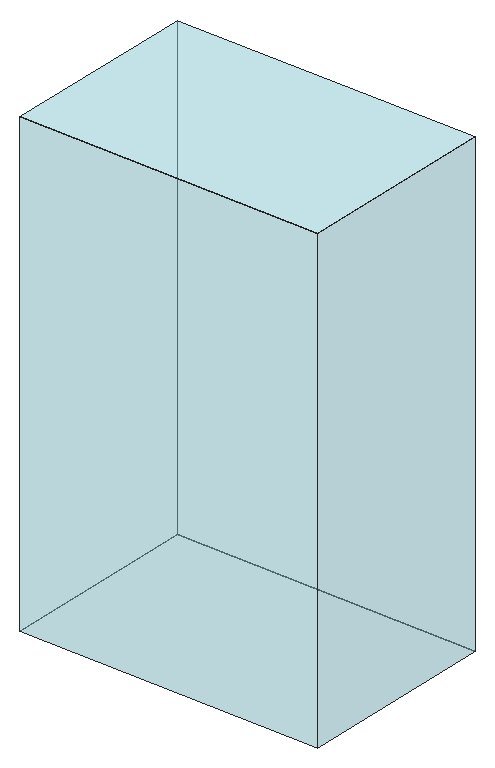
Revit family "(GM)_Лифт с противовесом", category Специальное оборудование, Revit 2021
Family settings
  Размер круглого соединителя = Использовать диаметр
  Тип детали = Нормальный
  Всегда вертикально = Да
  При загрузке вырезать с полостями = Нет
  Общий = Нет
  Точка принадлежности помещению = Нет
Parameters (values of type "Лифт_2650х1750 2")
  Штрина противовеса = 900 mm
  Ширина короба противовеса = 1000 mm
  Ширина кабины = 2100 mm
  Шахта_Отступ проема B = (AR_Шахта_Ширина - Шахта_Отступ проема A) - AR_Шахта_Ширина проема  # 1060 mm
  Шахта_Отступ проема A = 390 mm
  Толщина короба противовеса = 30 mm
  Спереди_Право = Шахта_Отступ проема B  # 1060 mm
  Спереди_Лево = Шахта_Отступ проема A * par  # 390 mm
  Отступ противовеса от шахты = 143 mm
  Отступ противовеса от оси кабины = 350 mm
  Отступ ловителя от оси кабины = 50 mm
  Отступ ловителя = 150 mm
  Отступ кабины спереди = 150 mm
  Отступ кабины слева = 315 mm
  Отметка по умолчанию = 0 mm
  Оборудование_Центр = and(not(Оборудование_Право), not(Оборудование_Лево))  # no
  Оборудование_Право = yes
  Оборудование_Лево = no
  Назед_Лево = Шахта_Отступ проема A * par  # 390 mm
  Назад_Право = Шахта_Отступ проема B  # 1060 mm
  Доступность МГН = no
  Группа модели = "Лифт"  # constant formula
  Глубина противовеса = 150 mm
  Глубина короба противовеса = 363 mm
  Глубина кабины = 1100 mm
  par = 1  # constant formula
  R_Шахта_Ширина проема [instance] = 1200 mm
  R_AR_Шахта_Ширина [instance] = AR_Шахта_Ширина * par  # 2650 mm
  R_AR_Шахта_Приямок [instance] = AR_Шахта_Приямок * par  # 0 mm
  R_AR_Шахта_Маш.отд. [instance] = AR_Шахта_Маш.отд. * par  # 100 mm
  R_AR_Шахта_Глубина [instance] = AR_Шахта_Глубина * par  # 1750 mm
  AR_Шахта_Ширина проема = 1200 mm
  AR_Шахта_Ширина = 2650 mm
  AR_Шахта_Приямок = 0 mm
  AR_Шахта_Маш.отд. = 100 mm
  AR_Шахта_Глубина = 1750 mm
  AR_Шахта_Высота проема = 2200 mm
  AR_Шахта_Высота [instance] = 4000 mm
  AR_Скорость подъема (м/с) = "1"
Types (7, lengths in mm): name | Штрина противовеса | Ширина короба противовеса | Ширина кабины | Шахта_Отступ проема B | Шахта_Отступ проема A | Спереди_Право | Спереди_Лево | Отступ противовеса от оси кабины | Отступ ловителя от оси кабины | Отступ ловителя | Отступ кабины спереди | Отступ кабины слева | Оборудование_Право | Оборудование_Лево | Назед_Лево | Назад_Право | Глубина кабины | R_Шахта_Ширина проема | R_AR_Шахта_Ширина | R_AR_Шахта_Приямок | R_AR_Шахта_Маш.отд. | R_AR_Шахта_Глубина | AR_Шахта_Ширина проема | AR_Шахта_Ширина | AR_Шахта_Приямок | AR_Шахта_Маш.отд. | AR_Шахта_Глубина
  Лифт_2650х1750 2 | 900 | 1000 | 2100 | 1060 | 390 | 1060 | 390 | 350 | 50 | 150 | 150 | 315 | yes | no | 390 | 1060 | 1100 | 1200 | 2650 | 0 | 100 | 1750 | 1200 | 2650 | 0 | 100 | 1750
  Лифт_2650х1750 (пунктир) | 900 | 1000 | 2100 | 1060 | 390 | 1060 | 390 | 350 | 50 | 150 | 150 | 315 | yes | no | 390 | 1060 | 1100 | 1200 | 2650 | 0 | 100 | 1750 | 1200 | 2650 | 0 | 100 | 1750
  Лифт_1950х1750 2 | 900 | 1000 | 1100 | 600 | 450 | 600 | 450 | 350 | 50 | 150 | 150 | 485 | no | yes | 450 | 600 | 1400 | 900 | 1950 | 0 | 100 | 1750 | 900 | 1950 | 0 | 100 | 1750
  Лифт_2550х1850 | 900 | 1000 | 2100 | 960 | 390 | 960 | 390 | 350 | 50 | 150 | 150 | 220 | yes | no | 390 | 960 | 1100 | 1200 | 2550 | 0 | 100 | 1850 | 1200 | 2550 | 0 | 100 | 1850
  Лифт_2850х1700 | 1050 | 1250 | 2160 | 1200 | 300 | 1200 | 300 | 43 | 78 | 163 | 235 | 245 | yes | no | 300 | 1200 | 1155 | 1350 | 2850 | 0 | 100 | 1700 | 1350 | 2850 | 0 | 100 | 1700
  Лифт_2800х1700 | 900 | 1000 | 2100 | 1050 | 300 | 1050 | 300 | 120 | 50 | 100 | 270 | 160 | yes | no | 300 | 1050 | 1100 | 1350 | 2700 | 1300 | 1000 | 1800 | 1350 | 2700 | 1300 | 1000 | 1800
  Лифт_2550х1750 | 900 | 1000 | 2100 | 900 | 300 | 900 | 300 | 120 | 50 | 100 | 270 | 160 | no | yes | 300 | 900 | 1100 | 1350 | 2550 | 1300 | 1000 | 1750 | 1350 | 2550 | 1300 | 1000 | 1750
Reference planes
  plane 1 "По центру (Вперед/Назад)": y = 0
  plane 2: z = 0
  plane 3 "По центру (Влево/Вправо)": x = 0
  plane 4: y = 875
  plane 5: y = -875
  plane 6 "Право": x = 1325
  plane 7 "Лево": x = -1325
  plane 8: x = -935
  plane 9: x = 265
  plane 10 "Верх": z = 4000
  plane 11 "План": z = 1000
  plane 12 "Верх проема": z = 2200
  plane 13 "Маш.отд.": z = 4100
  plane 14 "Приямок": z = 0
  plane 15: y = -725
  plane 16: y = 375
  plane 17: y = -175
  plane 18: x = -1175
  plane 19: x = 962
  plane 20: y = -725
  plane 21: x = -1010
  plane 22: x = 1090
  plane 23: x = 40
  plane 24: x = 1182
  plane 25: x = 1032
  plane 26: y = 175
  plane 27: y = 675
  plane 28: y = -325
  plane 29: y = 625
  plane 30: y = -275
  plane 31: y = 725
  plane 32: y = 512
  plane 33: x = -310
  plane 34: y = -512
  plane 35: y = -225
  plane 36: x = -10
Forms (mm)
  Extrusion 1, solid, material "Концепция. Форма по умолчанию", detail levels medium+fine
    sketch origin (0, 0, 0) x (1, 0, 0) y (0, 1, 0)
      loop
        line (1325, 875) -> (-1325, 875) -> (-1325, -875) -> (1325, -875) -> (1325, 875)
    from 0 to 4100
Lines and regions (mm)
  model lines, style "Пунктир"
    curve 1: line (1325, 875, 0) -> (265, 875, 0)
    curve 2: line (1325, -875, 0) -> (1325, 875, 0)
    curve 3: line (-1325, -875, 0) -> (-935, -875, 0)
    curve 4: line (-1325, 875, 0) -> (-1325, -875, 0)
    curve 5: line (265, -875, 0) -> (1325, -875, 0)
    curve 7: line (1325, 0, 4100) -> (-1325, 0, 4100)
    curve 8: line (1325, 0, 0) -> (1325, 0, 4100)
    curve 9: line (-1325, 0, 4100) -> (-1325, 0, 0)
    curve 19: line (-1325, 0, 0) -> (1325, 0, 0)
    curve 20: line (0, 875, 4100) -> (0, -875, 4100)
    curve 21: line (0, 875, 0) -> (0, 875, 4100)
    curve 22: line (0, -875, 0) -> (0, 875, 0)
    curve 23: line (0, -875, 4100) -> (0, -875, 0)
    curve 24: line (-935, 875, 0) -> (-1325, 875, 0)
    curve 26: line (265, -875, 0) -> (265, -975, 0)
    curve 27: line (-935, -875, 0) -> (-935, -975, 0)
  model lines, style "InvisibleLines", not visible
    curve 6: line (0, 0, 0) -> (0, 0, 4100)
  model lines, not visible
    curve 10: line (800, 1100, 1000) -> (520, 1100, 1000)
    curve 11: line (800, -1100, 1000) -> (800, 1100, 1000)
    curve 12: line (-800, -1100, 1000) -> (-500, -1100, 1000)
    curve 13: line (-800, 1100, 1000) -> (-800, -1100, 1000)
    curve 14: line (600, -1100, 1000) -> (800, -1100, 1000)
    curve 15: line (800, -300, 4000) -> (-800, -300, 4000)
    curve 16: line (800, -300, 0) -> (800, -300, 4000)
    curve 17: line (-800, -300, 0) -> (800, -300, 0)
    curve 18: line (-800, -300, 4000) -> (-800, -300, 0)
    curve 25: line (-340, 1100, 1000) -> (-800, 1100, 1000)
  model lines, style "Пунктир", not visible
    curve 28: line (265, 875, 0) -> (265, 975, 0)
    curve 29: line (-935, 875, 0) -> (-935, 975, 0)
  symbolic lines
    curve 30: line (1075, -300, 2200) -> (-1175, -300, 2200)
    curve 31: line (1075, -300, -200) -> (1075, -300, 2200)
    curve 32: line (-1175, -300, -200) -> (1075, -300, -200)
    curve 33: line (-1175, -300, 2200) -> (-1175, -300, -200)
    curve 34: line (300, 625, 2200) -> (300, -725, 2200)
    curve 35: line (300, 625, -200) -> (300, 625, 2200)
    curve 36: line (300, -725, -200) -> (300, 625, -200)
    curve 37: line (300, -725, 2200) -> (300, -725, -200)
    curve 38: line (1075, -300, 2200) -> (-1175, -300, -200)
    curve 39: line (1075, -300, -200) -> (-1175, -300, 2200)
    curve 40: line (300, 625, 2200) -> (300, -725, -200)
    curve 41: line (300, 625, -200) -> (300, -725, 2200)
  symbolic lines, style "SpecialityEquipmentHiddenLines"
    curve 42: line (-300, -875, 2200) -> (-300, -975, 2200)
  symbolic lines, style "SpecialityEquipmentHiddenLines", not visible
    curve 43: line (-300, 875, 2200) -> (-300, 975, 2200)
Dimensions and locks
  equal spacing: plane 7 "Лево", plane 3 "По центру (Влево/Вправо)", plane 6 "Право"
  equal spacing: plane 4, plane 1 "По центру (Вперед/Назад)", plane 5
  "AR_Шахта_Глубина": plane 4 to plane 5
  "AR_Шахта_Ширина": plane 7 "Лево" to plane 6 "Право"
  "Отступ кабины спереди": plane 5 to plane 15
  "Спереди_Лево": plane 7 "Лево" to plane 8
  "Спереди_Право": plane 9 to plane 6 "Право"
  "Назад_Право": curve 1 to plane 6 "Право"
  "Назед_Лево": plane 7 "Лево" to curve 24
  "R_Шахта_Ширина проема": plane 8 to plane 9
  locked: curve 26 to curve 26 at 100
  locked: curve 27 to curve 27 at 100
  locked: curve 28 to curve 28 at 100
  locked: curve 29 to curve 29 at 100
  plane 7 "Лево" to curve 33 = 150 mm
  plane 6 "Право" to curve 31 = 250 mm
  locked: curve 30 to plane 2 at 2200
  locked: plane 2 to curve 32 at 200
  locked: plane 2 to curve 36 at 200
  locked: curve 34 to plane 2 at 2200
  locked: plane 5 to curve 37 at 150
  curve 35 to plane 4 = 250 mm
  "AR_Шахта_Высота": level to level
  locked: curve 42 to curve 42 at 100
  locked: curve 43 to curve 43 at 100
  "AR_Шахта_Высота проема": plane 12 "Верх проема" to plane 2
  "AR_Шахта_Маш.отд.": plane 13 "Маш.отд." to plane 10 "Верх"
  "AR_Шахта_Приямок": plane 2 to plane 14 "Приямок"
  level to plane 2 = 0 mm
  "Глубина кабины": plane 16 to plane 15
  equal spacing: plane 16, plane 17, plane 15
  "Отступ ловителя": plane 7 "Лево" to plane 18
  "Глубина короба противовеса": plane 19 to plane 6 "Право"
  "Отступ ловителя": plane 20 to plane 5
  "Ширина кабины": plane 21 to plane 22
  equal spacing: plane 21, plane 23, plane 22
  "Отступ противовеса от шахты": plane 24 to plane 6 "Право"
  "Глубина противовеса": plane 25 to plane 24
  "Отступ противовеса от оси кабины": plane 17 to plane 26
  equal spacing: plane 27, plane 26, plane 28
  "Ширина короба противовеса": plane 27 to plane 28
  equal spacing: plane 29, plane 26, plane 30
  "Штрина противовеса": plane 29 to plane 30
  "Отступ кабины слева": plane 7 "Лево" to plane 21
  "Отступ ловителя": plane 4 to plane 31
  "Глубина короба противовеса": plane 4 to plane 32
  "Отступ противовеса от оси кабины": plane 33 to plane 23
  "Глубина короба противовеса": plane 5 to plane 34
  "Отступ ловителя от оси кабины": plane 17 to plane 35
  "Отступ ловителя от оси кабины": plane 36 to plane 23
  aligned and locked: level to plane 2
  aligned and locked: plane 10 "Верх" to level
  aligned and locked: plane 3 "По центру (Влево/Вправо)" to curve 6
  aligned and locked: curve 23 to plane 5
  aligned and locked: plane 4 to curve 21
  aligned and locked: plane 12 "Верх проема" to curve 42
  aligned and locked: plane 13 "Маш.отд." to curve 7
  aligned and locked: curve 20 to plane 13 "Маш.отд."
  aligned and locked: curve 22 to plane 14 "Приямок"
  aligned and locked: plane 14 "Приямок" to curve 19
  aligned and locked: plane 13 "Маш.отд." to Extrusion 1
  aligned and locked: plane 14 "Приямок" to Extrusion 1
  aligned and locked: nested 1 to plane 15
  aligned and locked: nested 5 to plane 6 "Право"
  aligned and locked: nested 5 to plane 26
  aligned and locked: plane 7 "Лево" to Extrusion 1
  aligned and locked: plane 23 to nested 1
  aligned and locked: nested 6 to plane 33
  aligned and locked: plane 4 to nested 6
  aligned and locked: plane 33 to nested 7
  aligned and locked: nested 7 to plane 5
  aligned and locked: nested 3 to plane 35
  aligned and locked: nested 4 to plane 35
  aligned and locked: plane 36 to nested 8
  aligned and locked: nested 9 to plane 36
  aligned and locked: plane 7 "Лево" to nested 3
  aligned and locked: nested 4 to plane 6 "Право"
  aligned and locked: nested 8 to plane 5
  aligned and locked: plane 4 to nested 9
Automatic sketch dimensions
  curve 2 to curve 3 = 2650 mm
  curve 4 to curve 1 = 1590 mm
  curve 4 to curve 4 = 1750 mm
  curve 3 to curve 5 = 2260 mm
  curve 2 to curve 5 = 1060 mm
  curve 1 to curve 1 = 1060 mm
  curve 24 to curve 4 = 390 mm
  curve 3 to curve 3 = 390 mm
  curve 11 to curve 12 = 1600 mm
  curve 13 to curve 10 = 0 mm
  curve 13 to curve 13 = 2200 mm
  curve 12 to curve 14 = 0 mm
  curve 11 to curve 14 = 200 mm
  curve 10 to curve 10 = 280 mm
  curve 25 to curve 13 = 460 mm
  curve 12 to curve 12 = 300 mm
  plane 12 "Верх проема" to curve 43 = 0 mm
  curve 43 to plane 4 = 0 mm
  curve 42 to plane 5 = 0 mm
  plane 7 "Лево" to curve 9 = 0 mm
  plane 6 "Право" to curve 7 = 0 mm
  Extrusion 1 sketch curve to plane 4 = 0 mm
  Extrusion 1 sketch curve to plane 7 "Лево" = 0 mm
  Extrusion 1 sketch curve to plane 5 = 0 mm
  Extrusion 1 sketch curve to plane 6 "Право" = 0 mm
  curve 4 to plane 7 "Лево" = 0 mm
  curve 3 to plane 8 = 0 mm
  curve 24 to plane 8 = 0 mm
  curve 26 to plane 9 = 0 mm
  curve 5 to plane 5 = 0 mm
  curve 1 to plane 4 = 0 mm
  curve 1 to plane 9 = 0 mm
  curve 1 to plane 6 "Право" = 0 mm
  curve 27 to plane 5 = 0 mm
  curve 29 to plane 4 = 0 mm
Nested families
  nested 1: "(D)_Условно_Лифт_Кабина" at (40, -175, 0), a <- "Ширина кабины", b <- "Глубина кабины", type "(D)_Условно_Лифт_Кабина"
    with b 1100 mm, a 2100 mm
  nested 2: "(AT)_Символ доступности МГН" at (0, 0, 0), visible <- "Доступность МГН", type "Символ доступности МГН"
  nested 3: "Ловители" at (-1325, -225, 0) x (0, -1, 0) z (0, 0, 1), visible <- "Оборудование_Центр", type "Ловители"
    with b 2000 mm, a 1500 mm
  nested 4: "Ловители" at (1325, -225, 0) x (0, 1, 0) z (0, 0, 1), visible <- "Оборудование_Центр", type "Ловители"
    with b 2000 mm, a 1500 mm
  nested 5: "Противовес" at (1325, 175, 0) x (0, 1, 0) z (0, 0, 1), visible <- "Оборудование_Право", type "Противовес"
    with b 2000 mm, a 1500 mm
  nested 6: "Противовес" at (-310, 875, 0) x (-1, 0, 0) z (0, 0, 1), visible <- "Оборудование_Центр", type "Противовес"
    with b 2000 mm, a 1500 mm
  nested 7: "Противовес" at (-310, -875, 0), visible <- "Оборудование_Лево", type "Противовес"
    with b 2000 mm, a 1500 mm
  nested 8: "Ловители" at (-10, -875, 0), visible <- "Оборудование_Лево", type "Ловители"
    with b 2000 mm, a 1500 mm
  nested 9: "Ловители" at (-10, 875, 0) x (-1, 0, 0) z (0, 0, 1), visible <- "Оборудование_Право", type "Ловители"
    with b 2000 mm, a 1500 mm
Definition of nested family "(D)_Условно_Лифт_Кабина"
  Parameters (values of type "(D)_Условно_Лифт_Кабина")
    Оборудование_Центр = yes
    Оборудование_Право = no
    Оборудование_Лево/Право = no
    b [instance] = 2000 mm
    a [instance] = 1500 mm
  Reference planes
    plane 1 "По центру (Вперед/Назад)": y = 0
    plane 2: z = 0
    plane 3 "По центру (Влево/Вправо)": x = 0
  Lines and regions (mm)
    detail lines, in view "Опорный уровень"
      curve 1: line (750, 1000, 0) -> (-750, 1000, 0)
      curve 2: line (750, -1000, 0) -> (750, 1000, 0)
      curve 3: line (-750, -1000, 0) -> (750, -1000, 0)
      curve 4: line (-750, 1000, 0) -> (-750, -1000, 0)
      curve 5: line (750, 1000, 0) -> (-750, -1000, 0)
      curve 6: line (-750, 1000, 0) -> (750, -1000, 0)
    detail lines, in view "Опорный уровень", visible <- "Оборудование_Центр"
      curve 7: line (550, 1130, 0) -> (-550, 1130, 0)
      curve 8: line (550, 1050, 0) -> (550, 1130, 0)
      curve 9: line (-550, 1050, 0) -> (550, 1050, 0)
      curve 10: line (-550, 1130, 0) -> (-550, 1050, 0)
    detail lines, in view "Опорный уровень", visible <- "Оборудование_Право"
      curve 11: line (880, 800, 0) -> (800, 800, 0)
      curve 12: line (880, -250, 0) -> (880, 800, 0)
      curve 13: line (800, -250, 0) -> (880, -250, 0)
      curve 14: line (800, 800, 0) -> (800, -250, 0)
    detail lines, in view "Опорный уровень", visible <- "Оборудование_Лево/Право"
      curve 15: line (-880, 800, 0) -> (-800, 800, 0)
      curve 16: line (-880, -250, 0) -> (-880, 800, 0)
      curve 17: line (-800, -250, 0) -> (-880, -250, 0)
      curve 18: line (-800, 800, 0) -> (-800, -250, 0)
  Dimensions and locks
    equal spacing: curve 4, plane 3 "По центру (Влево/Вправо)", curve 2
    equal spacing: curve 1, plane 1 "По центру (Вперед/Назад)", curve 3
    "b": curve 1 to curve 3
    "a": curve 4 to curve 2
    locked: curve 1 to curve 9 at 50
    locked: curve 7 to curve 9 at 80
    locked: curve 4 to curve 10 at 200
    locked: curve 8 to curve 2 at 200
    locked: curve 2 to curve 14 at 50
    locked: curve 14 to curve 12 at 80
    locked: curve 1 to curve 11 at 200
    locked: curve 13 to plane 1 "По центру (Вперед/Назад)" at 250
    locked: curve 4 to curve 18 at 50
    locked: curve 18 to curve 16 at 80
    locked: curve 1 to curve 15 at 200
    locked: curve 17 to plane 1 "По центру (Вперед/Назад)" at 250
Definition of nested family "(AT)_Символ доступности МГН"
  Parameters (values of type "Символ доступности МГН")
    Символ доступности МГН = yes
  Reference planes
    plane 1: y = 0
    plane 2: x = 0
  Lines and regions (mm)
    Filled region 1, type "Серая", visible <- "Символ доступности МГН"
      outline origin (0, 0, 0) x (0, 1, 0) y (-1, 0, 0)
        loop
          line (2.654, -0.542) -> (2.654, 2.345) -> (1.854, 2.345) -> (1.854, -0.379) -> (0.738, -0.151) -> (0.738, 3.398) -> (-2.141, 4.106) -> (-1.864, 5.374) -> (-2.971, 5.646) -> (-3.517, 3.845) -> (0, 2.888) -> (0, -0.983) -> (4.564, -1.595)
          arc (4.564, -1.595) -> (6.084, -0.106) -> (4.085, -0.835) r 1.088
          line (4.085, -0.835) -> (2.654, -0.542)
        loop
          line (-2.321, 2.488) -> (-2.5, 3.278)
          arc (-2.5, 3.278) -> (-4.549, -2.916) -> (1.885, -1.839) r 3.809
          line (1.885, -1.839) -> (1.052, -1.727)
          arc (1.052, -1.727) -> (-3.999, -2.311) -> (-2.321, 2.488) r 3
Definition of nested family "Ловители"
  Parameters (values of type "Ловители")
    Оборудование_Центр = no
    Оборудование_Право = yes
    Оборудование_Лево/Право = no
    b [instance] = 2000 mm
    a [instance] = 1500 mm
  Reference planes
    plane 1 "По центру (Вперед/Назад)": y = 0
    plane 2: z = 0
    plane 3 "По центру (Влево/Вправо)": x = 0
  Lines and regions (mm)
    detail lines, in view "Опорный уровень"
      curve 1: line (-7.5, 50, 0) -> (7.5, 50, 0)
      curve 2: line (-35, 0, 0) -> (-35, 4.71, 0)
      curve 3: line (35, 0, 0) -> (-35, 0, 0)
      curve 4: line (35, 4.71, 0) -> (35, 0, 0)
      curve 5: line (-35, 4.71, 0) -> (-5, 10, 0)
      curve 6: line (-5, 10, 0) -> (-5, 30, 0)
      curve 7: line (7.5, 30, 0) -> (7.5, 50, 0)
      curve 8: line (5, 10, 0) -> (5, 30, 0)
      curve 9: line (-7.5, 30, 0) -> (-7.5, 50, 0)
      curve 10: line (35, 4.71, 0) -> (5, 10, 0)
      curve 11: line (-7.5, 30, 0) -> (7.5, 30, 0)
Definition of nested family "Противовес"
  Parameters (values of type "Противовес")
    Ш.противовеса = 900 mm
    Ш.Короба противовеса = 1000 mm
    Оборудование_Центр = no
    Оборудование_Право = yes
    Оборудование_Лево/Право = no
    О.Противовеса от шахты = 143 mm
    Г.Противовеса = 150 mm
    Г.Короба противовеса = 363 mm
    t = 30 mm
    b [instance] = 2000 mm
    a [instance] = 1500 mm
  Reference planes
    plane 1 "По центру (Вперед/Назад)": y = 0
    plane 2: z = 0
    plane 3 "По центру (Влево/Вправо)": x = 0
    plane 4: y = 363
    plane 5: x = -470
    plane 6: x = 470
    plane 7: y = 333
    plane 8: x = -500
    plane 9: x = 500
    plane 10: x = -450
    plane 11: x = 450
    plane 12: y = 143
    plane 13: y = 293
    plane 14: y = 218
    plane 15: y = 233
    plane 16: y = 203
    plane 17: y = 220.5
    plane 18: y = 215.5
    plane 19: x = -465
    plane 20: x = 465
  Lines and regions (mm)
    Filled region 1, type "Сплошная заливка - Черный", in view "Опорный уровень"
      outline origin (0, 0, 0) x (1, 0, 0) y (0, 1, 0)
        loop
          line (-470, 233) -> (-470, 203) -> (-465, 203) -> (-465, 215.5) -> (-450, 215.5) -> (-450, 220.5) -> (-465, 220.5) -> (-465, 233) -> (-470, 233)
        loop
          line (470, 203) -> (470, 233) -> (465, 233) -> (465, 220.5) -> (450, 220.5) -> (450, 215.5) -> (465, 215.5) -> (465, 203) -> (470, 203)
    detail lines, in view "Опорный уровень"
      curve 1: line (-500, 0, 0) -> (-470, 0, 0)
      curve 2: line (-500, 363, 0) -> (-500, 0, 0)
      curve 3: line (500, 363, 0) -> (-500, 363, 0)
      curve 4: line (500, 0, 0) -> (500, 363, 0)
      curve 5: line (-470, 333, 0) -> (470, 333, 0)
      curve 6: line (-470, 0, 0) -> (-470, 333, 0)
      curve 7: line (470, 333, 0) -> (470, 0, 0)
      curve 8: line (470, 0, 0) -> (500, 0, 0)
      curve 9: line (-450, 293, 0) -> (450, 293, 0)
      curve 10: line (-450, 143, 0) -> (-450, 293, 0)
      curve 11: line (450, 143, 0) -> (-450, 143, 0)
      curve 12: line (450, 293, 0) -> (450, 143, 0)
  Dimensions and locks
    "t": plane 8 to plane 5
    "t": plane 6 to plane 9
    equal spacing: plane 8, plane 3 "По центру (Влево/Вправо)", plane 9
    "t": plane 4 to plane 7
    "Г.Короба противовеса": plane 4 to plane 1 "По центру (Вперед/Назад)"
    "Ш.Короба противовеса": plane 8 to plane 9
    equal spacing: plane 13, plane 14, plane 12
    "Г.Противовеса": plane 13 to plane 12
    "О.Противовеса от шахты": plane 12 to plane 1 "По центру (Вперед/Назад)"
    equal spacing: plane 15, plane 14, plane 16
    locked: plane 15 to plane 16 at 30
    equal spacing: plane 17, plane 14, plane 18
    locked: plane 17 to plane 18 at 5
    locked: plane 5 to plane 19 at 5
    locked: plane 20 to plane 6 at 5
    equal spacing: plane 10, plane 3 "По центру (Влево/Вправо)", plane 11
    "Ш.противовеса": plane 10 to plane 11
    aligned and locked: plane 4 to curve 3
    aligned and locked: curve 5 to plane 7
    aligned and locked: plane 5 to curve 6
    aligned and locked: curve 2 to plane 8
    aligned and locked: curve 7 to plane 6
    aligned and locked: plane 9 to curve 4
    aligned and locked: plane 10 to curve 10
    aligned and locked: plane 12 to curve 11
    aligned and locked: curve 9 to plane 13
    aligned and locked: curve 12 to plane 11
    aligned and locked: plane 17 to Filled region 1 sketch curve  (x2)
    aligned and locked: Filled region 1 sketch curve to plane 5
    aligned and locked: Filled region 1 sketch curve to plane 18  (x2)
    aligned and locked: plane 19 to Filled region 1 sketch curve  (x2)
    aligned and locked: Filled region 1 sketch curve to plane 15
    aligned and locked: plane 16 to Filled region 1 sketch curve
    aligned and locked: Filled region 1 sketch curve to plane 10
    aligned and locked: plane 6 to Filled region 1 sketch curve
    aligned and locked: Filled region 1 sketch curve to plane 20  (x2)
    aligned and locked: Filled region 1 sketch curve to plane 16
    aligned and locked: plane 15 to Filled region 1 sketch curve
    aligned and locked: plane 11 to Filled region 1 sketch curve
  Automatic sketch dimensions
    plane 1 "По центру (Вперед/Назад)" to curve 1 = 0 mm
    plane 1 "По центру (Вперед/Назад)" to curve 7 = 0 mm
